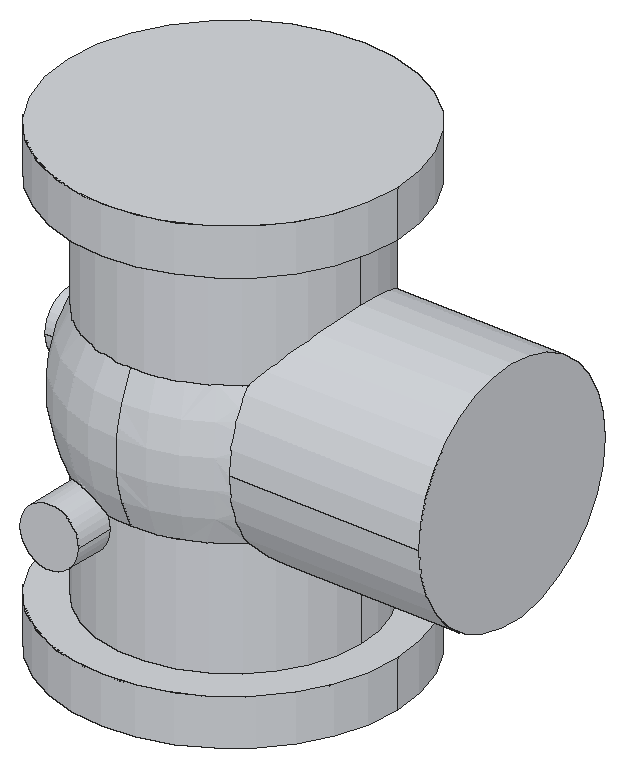
Revit family "M_Válvula de checagem do alarme", category Acessórios do tubo, Revit 2019
Family settings
  Cota do conector redondo = Usar raio
  Tipo de parte = Válvula - Quebra entre
  Número OmniClass = 23.65.55.14
  Título OmniClass = Valves for Liquid Services
  ID de item do Seek = Alarm Check Valve-0000-CAN-ENU
  Com base no plano de trabalho = Não
  Sempre na vertical = Sim
  Corte com vazios quando carregada = Não
  Compartilhado = Não
Parameters (values of type "65 mm")
  Material da válvula = none
  Altura da válvula = 256 mm
  Queda de pressão [instance] = 24500.0 Pa
  Raio nominal = 32.5 mm
  Diâmetro nominal = Raio nominal * 2  # 65 mm
  Raio do pescoço = Diâmetro do pescoço / 2  # 70 mm
  Diâmetro do pescoço = 140 mm
  Altura 1 = 82.6 mm
  Raio da flange = Diâmetro nominal + 25 mm  # 90 mm
  Diâmetro da flange = 2 * Raio da flange  # 180 mm
  Raio da drenagem = 16 mm
  Diâmetro da drenagem = Raio da drenagem * 2  # 32 mm
  Raio da barriga = Diâmetro da barriga / 2  # 80 mm
  Diâmetro da barriga = 160 mm
  Raio do alarme = 16 mm
  Diâmetro do alarme = Raio do alarme * 2  # 32 mm
Types (6, lengths in mm): name | Altura da válvula | Queda de pressão | Raio nominal | Diâmetro nominal | Raio do pescoço | Diâmetro do pescoço | Altura 1 | Raio da flange | Diâmetro da flange | Raio da drenagem | Diâmetro da drenagem | Raio da barriga | Diâmetro da barriga
  (no name) | 256 | 24500.0 Pa | 32.5 | 65 | 70 | 140 | 82.6 | 90 | 180 | 16 | 32 | 80 | 160
  65 mm | 256 | 24500.0 Pa | 32.5 | 65 | 70 | 140 | 82.6 | 90 | 180 | 16 | 32 | 80 | 160
  80 mm | 256 | 29400.0 Pa | 40 | 80 | 70 | 140 | 82.6 | 105 | 210 | 25 | 50 | 80 | 160
  100 mm | 264 | 39200.0 Pa | 50 | 100 | 70 | 140 | 108 | 125 | 250 | 25 | 50 | 80 | 160
  150 mm | 280 | 58800.0 Pa | 75 | 150 | 75 | 150 | 108 | 175 | 350 | 25 | 50 | 85 | 170
  200 mm | 305 | 68700.0 Pa | 100 | 200 | 80 | 160 | 120.7 | 225 | 450 | 25 | 50 | 105 | 210
Reference planes
  plane 1 "Centro (Frente/Trás)": y = 0
  plane 2: z = 0
  plane 3 "Centro (Esquerda/Direita)": x = 0
  plane 4: z = 256
  plane 5: z = 25.4
  plane 6: z = 82.6
  plane 7: z = 128
  plane 8: z = 230.6
  plane 9: x = -28.575
  plane 10: y = -90
  plane 11: x = -90
  plane 12: x = 152.4
  plane 13: x = 90
  plane 14: x = -115.4
  plane 15: x = -120.162
  plane 16: z = 243.3
  plane 17: x = -110.637
  plane 18: x = 90
Forms (mm)
  Extrusion 1, solid, material <- "Material da válvula", detail levels fine
    sketch origin (0, 0, 0) x (1, 0, 0) y (0, 1, 0)
      loop
        circle (0, 0) r 70
    from 25.4 to 230.6
  Extrusion 2, solid, material <- "Material da válvula", detail levels fine
    sketch origin (0, 0, 0) x (1, 0, 0) y (0, 1, 0)
      loop
        circle (0, 0) r 90
    from 230.6 to 256
  Extrusion 3, solid, material <- "Material da válvula", detail levels fine
    sketch origin (0, 0, 0) x (1, 0, 0) y (0, 1, 0)
      loop
        circle (0, 0) r 90
    from 0 to 25.4
  Extrusion 4, solid, material <- "Material da válvula", detail levels fine
    sketch origin (0, 0, 0) x (1, 0, 0) y (0, 0, 1)
      loop
        circle (-28.575, 82.6) r 16
    from 0 to 90
  Extrusion 5, solid, material <- "Material da válvula", detail levels fine
    sketch origin (0, 0, 0) x (0, 1, 0) y (0, 0, 1)
      loop
        circle (0, 128) r 16
    from 0 to -90
  Extrusion 6, solid, material <- "Material da válvula", detail levels fine
    sketch origin (0, 0, 0) x (0, 1, 0) y (0, 0, 1)
      loop
        circle (0, 128) r 63.5
    from 0 to 152.4
  Revolve 7, solid, material <- "Material da válvula", detail levels fine
    sketch origin (0, 0, 0) x (0, 1, 0) y (0, 0, 1)
      loop
        arc (0, 208) -> (-80, 128) -> (0, 48) r 80
        line (0, 48) -> (0, 208)
      axis (0, 48) -> (0, 208)
    angle from 0 to 360
Cuts and joins
  joined: Extrusion 1, Extrusion 2, Extrusion 3, Extrusion 4, Extrusion 5, Extrusion 6, Revolve 7
Lines and regions (mm)
  model lines, detail levels coarse+medium
    curve 1: line (-90, 0, 256) -> (90, 0, 0)
    curve 2: line (90, 0, 256) -> (-90, 0, 256)
    curve 3: line (-90, 0, 0) -> (90, 0, 0)
    curve 4: line (-115.4, 0, 256) -> (-115.4, 0, 0)
    curve 5: line (-115.4, 0, 256) -> (-120.162, 0, 243.3)
    curve 6: line (-115.4, 0, 256) -> (-110.637, 0, 243.3)
    curve 7: circle (153.5, 0, 128) r 63.5 normal (0, -1, 0)
    curve 8: line (0, 0, 128) -> (90, 0, 128)
Dimensions and locks
  "Altura da válvula": plane 4 to plane 2
  locked: plane 5 to plane 2 at 25.4
  "Altura 1": plane 6 to plane 2
  equal spacing: plane 4, plane 7, plane 2
  locked: plane 4 to plane 8 at 25.4
  locked: plane 3 "Centro (Esquerda/Direita)" to plane 9 at 28.575
  "Raio da flange": plane 3 "Centro (Esquerda/Direita)" to plane 11
  locked: plane 12 to plane 3 "Centro (Esquerda/Direita)" at 152.4
  "Raio da flange": plane 1 "Centro (Frente/Trás)" to plane 10
  "Raio da flange": plane 13 to plane 3 "Centro (Esquerda/Direita)"
  locked: plane 11 to plane 14 at 25.4
  locked: plane 4 to plane 16 at 12.7
  equal spacing: plane 15, plane 14, plane 17
  locked: plane 15 to plane 17 at 9.525
  "Raio do pescoço": radius of Extrusion 1 sketch curve
  "Raio da flange": radius of Extrusion 2 sketch curve
  "Raio da flange": radius of Extrusion 3 sketch curve
  "Raio do alarme": radius of Extrusion 5 sketch curve
  radius of Extrusion 6 sketch curve = 63.5 mm
  "Raio da barriga": radius of Revolve 7 sketch curve
  radius of curve 7 = 63.5 mm
  "Raio da drenagem": radius of Extrusion 4 sketch curve
  aligned and locked: plane 3 "Centro (Esquerda/Direita)" to Extrusion 1 sketch curve
  aligned and locked: plane 1 "Centro (Frente/Trás)" to Extrusion 1 sketch curve
  aligned and locked: plane 8 to Extrusion 1
  aligned and locked: Extrusion 1 to plane 5
  aligned and locked: plane 3 "Centro (Esquerda/Direita)" to Extrusion 2 sketch curve
  aligned and locked: plane 1 "Centro (Frente/Trás)" to Extrusion 2 sketch curve
  aligned and locked: plane 4 to Extrusion 2
  aligned and locked: Extrusion 2 to plane 8
  aligned and locked: plane 3 "Centro (Esquerda/Direita)" to Extrusion 3 sketch curve
  aligned and locked: plane 1 "Centro (Frente/Trás)" to Extrusion 3 sketch curve
  aligned and locked: plane 5 to Extrusion 3
  aligned and locked: Extrusion 3 to plane 2
  aligned and locked: plane 9 to Extrusion 4 sketch curve
  aligned and locked: plane 6 to Extrusion 4 sketch curve
  aligned and locked: plane 10 to Extrusion 4
  aligned and locked: Extrusion 4 to plane 1 "Centro (Frente/Trás)"
  aligned and locked: plane 1 "Centro (Frente/Trás)" to Extrusion 5 sketch curve
  aligned and locked: plane 7 to Extrusion 5 sketch curve
  aligned and locked: Extrusion 5 to plane 3 "Centro (Esquerda/Direita)"  (x2)
  aligned and locked: Extrusion 5 to plane 11
  aligned and locked: plane 1 "Centro (Frente/Trás)" to Extrusion 6 sketch curve
  aligned and locked: plane 7 to Extrusion 6 sketch curve
  aligned and locked: plane 12 to Extrusion 6
  aligned and locked: Extrusion 6 to plane 3 "Centro (Esquerda/Direita)"
  aligned and locked: plane 1 "Centro (Frente/Trás)" to Revolve 7 sketch curve
  aligned and locked: plane 7 to Revolve 7 sketch curve
  aligned and locked: plane 4 to curve 1
  aligned and locked: plane 11 to curve 1
  aligned and locked: level to curve 1
  aligned and locked: curve 2 to cut or joined group of Extrusion 1, Extrusion 2, Extrusion 3, Extrusion 4, Extrusion 5, Extrusion 6, Revolve 7
  aligned and locked: curve 3 to Extrusion 3
  aligned and locked: curve 4 to plane 14
  aligned and locked: plane 2 to curve 4
  aligned and locked: plane 16 to curve 5
  aligned and locked: plane 15 to curve 5
  aligned and locked: plane 4 to curve 6
  aligned and locked: plane 16 to curve 6
  aligned and locked: plane 17 to curve 6
  aligned and locked: plane 7 to curve 7
  aligned and locked: curve 8 to plane 7
  aligned and locked: plane 3 "Centro (Esquerda/Direita)" to curve 8
  aligned and locked: plane 18 to plane 13
  aligned and locked: plane 18 to curve 8
Automatic sketch dimensions
  Revolve 7 sketch curve to plane 1 "Centro (Frente/Trás)" = 0 mm
  Revolve 7 sketch curve to level = 107.95 mm
  plane 4 to Revolve 7 sketch curve = 131.762 mm
  curve 3 to plane 11 = 0 mm
  curve 2 to plane 13 = 0 mm
Connectors
  piping at (0, 0, 0), diameter 65, driven by "Raio nominal"
    settings: on cut or joined group of Extrusion 1, Extrusion 2, Extrusion 3, Extrusion 4, Extrusion 5, Extrusion 6, Revolve 7, index 1, connector inside diameter 65 mm, connector length 0 mm, flow factor 0, pipe flow 0.0 L/s, pressure drop 0.0 Pa, fitting loss kfactor 0, connector angle 0.00°, fixture units 0, engagement length 0 mm, angle of deflection 0.00°, flow configuration 0, flow direction 0, fitting loss method 4, system type 29, joint type 0, gender type 0, connector reference index 2, connector utility 0, adjustable connector no, is connector primary yes, connector description "In"
  piping at (0, 0, 256), diameter 65, driven by "Queda de pressão", driven by "Raio nominal"
    settings: on cut or joined group of Extrusion 1, Extrusion 2, Extrusion 3, Extrusion 4, Extrusion 5, Extrusion 6, Revolve 7, index 2, connector inside diameter 65 mm, connector length 0 mm, flow factor 0, pipe flow 0.0 L/s, pressure drop 24500.0 Pa, fitting loss kfactor 0, connector angle 0.00°, fixture units 0, engagement length 0 mm, angle of deflection 0.00°, flow configuration 0, flow direction 0, fitting loss method 4, system type 29, joint type 0, gender type 0, connector reference index 1, connector utility 0, adjustable connector no, is connector primary no, connector description "Saída"
  piping at (-28.575, -90, 82.6), diameter 32, driven by "Raio da drenagem"
    settings: on cut or joined group of Extrusion 1, Extrusion 2, Extrusion 3, Extrusion 4, Extrusion 5, Extrusion 6, Revolve 7, index 3, connector inside diameter 32 mm, connector length 0 mm, flow factor 0, pipe flow 0.0 L/s, pressure drop 0.0 Pa, fitting loss kfactor 0, connector angle 0.00°, fixture units 0, engagement length 0 mm, angle of deflection 0.00°, flow configuration 1, flow direction 2, fitting loss method 0, system type 29, joint type 0, gender type 0, connector reference index -1, connector utility 0, adjustable connector no, is connector primary no, connector description "Saída da drenagem"
  piping at (-90, 0, 128), diameter 32, driven by "Raio do alarme"
    settings: on cut or joined group of Extrusion 1, Extrusion 2, Extrusion 3, Extrusion 4, Extrusion 5, Extrusion 6, Revolve 7, index 4, connector inside diameter 32 mm, connector length 0 mm, flow factor 0, pipe flow 0.0 L/s, pressure drop 0.0 Pa, fitting loss kfactor 0, connector angle 0.00°, fixture units 0, engagement length 0 mm, angle of deflection 0.00°, flow configuration 1, flow direction 2, fitting loss method 0, system type 29, joint type 0, gender type 0, connector reference index -1, connector utility 0, adjustable connector no, is connector primary no, connector description "Saída do alarme"
